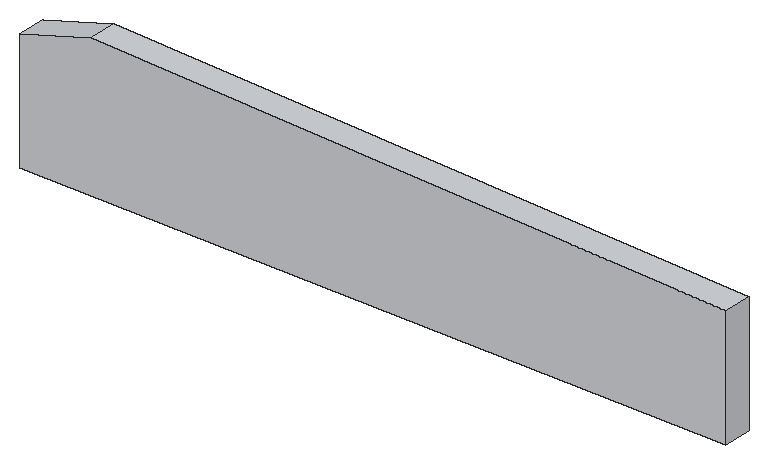
Revit family "Revit2024.1", category Generic Models, Revit 2024
Family settings
  Can host rebar = No
  Round Connector Dimension = Use Diameter
  Part Type = Normal
  Work Plane-Based = No
  Always vertical = Yes
  Cut with Voids When Loaded = No
  Maintain Annotation Orientation = No
  Shared = No
  Room Calculation Point = No
Parameters
  r [instance] = 30 mm
  p2 [instance] = 1000 mm
  p [instance] = 1000 mm
  Width [instance] = 400 mm
  Mid Height 2 [instance] = 2000 mm
  Mid Height [instance] = 2000 mm
  Length 2 [instance] = 10000 mm
  Length [instance] = 10000 mm
  Height R2 [instance] = 1700 mm
  Height R1 [instance] = 1700 mm
  Height L2 [instance] = 1700 mm
  Height L1 [instance] = 1700 mm
  Default Elevation = 0 mm
  C_Angle Adjustment Neg [instance] = if(Angle Adjustment < 0 mm, abs(Angle Adjustment), 0 mm)  # 0 mm
  C_Angle Adjustment [instance] = if(or(Angle Adjustment = 0 mm, Angle Adjustment > 0 mm), Angle Adjustment, 0 mm)  # 200 mm
  Angle Adjustment [instance] = 200 mm
Reference planes
  plane 1 "Center (Front/Back)": y = 0
  plane 2: z = 0
  plane 3 "Center (Left/Right)": x = 0
  plane 4: x = 0
  plane 5: x = 0
  plane 6: y = -200
  plane 7 "Control Plane": x = 200
Forms (mm)
  Blend 1, solid
    base sketch origin (0, 0, 0) x (1, 0, 0) y (0, 0, 1)
      loop
        line (-5000, 0) -> (5000, 0) -> (5000, 1700) -> (-4000, 2000) -> (-5000, 1700) -> (-5000, 0)
    top sketch origin (0, 0, 0) x (1, 0, 0) y (0, 0, 1)
      loop
        line (-5000, 0) -> (5000, 0) -> (5000, 1700) -> (-4000, 2000) -> (-5000, 1700) -> (-5000, 0)
    from 0 to 400
Dimensions and locks
  "Mid Height": Blend 1 sketch curve to Blend 1 sketch curve
  "Height L1": Blend 1 sketch curve to Blend 1 sketch curve
  "Length": Blend 1 sketch curve to Blend 1 sketch curve
  "C_Angle Adjustment Neg": plane 3 "Center (Left/Right)" to plane 5
  "Mid Height 2": Blend 1 sketch curve to Blend 1 sketch curve
  "Length 2": Blend 1 sketch curve to Blend 1 sketch curve
  "Height L2": Blend 1 sketch curve to Blend 1 sketch curve
  "Height R2": Blend 1 sketch curve to Blend 1 sketch curve
  "Height R1": Blend 1 sketch curve to Blend 1 sketch curve
  "Width": Blend 1 to Blend 1
  "p": Blend 1 sketch curve to Blend 1 sketch curve
  Blend 1 sketch curve to Blend 1 sketch curve = 9000 mm  (x2)
  equal spacing: Blend 1 sketch curve, plane 4, Blend 1 sketch curve
  equal spacing: Blend 1 sketch curve, plane 5, Blend 1 sketch curve
  "p2": Blend 1 sketch curve to Blend 1 sketch curve
  "C_Angle Adjustment": plane 7 "Control Plane" to plane 5
  aligned and locked: level to plane 2
  aligned and locked: Blend 1 sketch curve to level  (x2)
